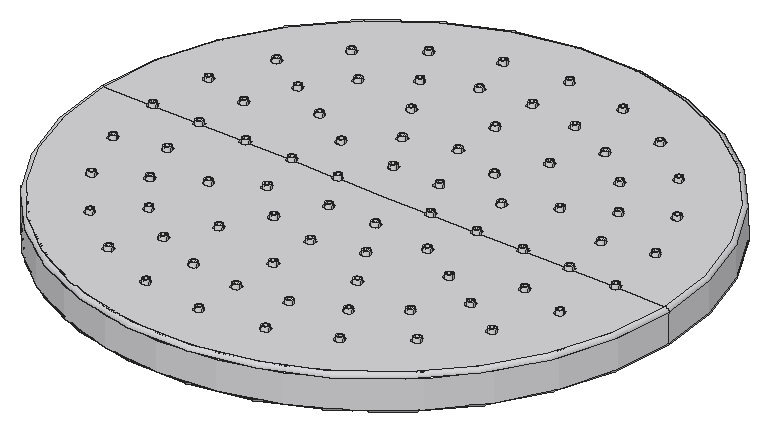
Revit family "Shower-Showerhead-KOHLER-Katalyst-K-73198IN", category Plumbing Fixtures, host Face, Revit 2017
Family settings
  Host = Face
  Round Connector Dimension = Use Diameter
  Part Type = Normal
  OmniClass Number = 23.31.17.00
  OmniClass Title = Showers
  Cut with Voids When Loaded = No
  Shared = No
  Room Calculation Point = No
Parameters (values of type "CP-Polished Chrome")
  Width = 7 127/128"  # constant formula
  WaterSense Certified = 1 = 0  # no
  Waste Water Outlet = "Waste Water Outlet"  # constant formula
  Waste Connection = 1 = 0  # no
  Vent Connection = 1 = 0  # no
  URL = "https://www.kohler.co.in/"
  Type = 1
  Tempered Water Inlet = "Tempered Water Inlet"  # constant formula
  Product Page URL = "https://www.kohler.co.in/product-detail/73198in?skuid=K-73198IN-CP"
  Product Name = "Katalyst"  # constant formula
  Product Documentation Link = "http://resources.kohler.com/plumbing/kohlerindia/pdf/73198.pdf"
  Pressure = 0.00 psi
  Panel Thickness = 0"
  Model = "K-73198IN-CP"  # constant formula
  Material = "Premium Metal Construction"  # constant formula
  Master Format 2014 Name = "Residential Showers"  # constant formula
  Master Format 2014 = "22 42 23"  # constant formula
  Manufacturer Address = "Ambience Office Tower NH-8 Gurgaon / Gurugram Haryana , 122001"  # constant formula
  Manufacturer = "KOHLER Co."  # constant formula
  Length = 7 253/256"  # constant formula
  Hot Water Inlet = "Hot Water Inlet"  # constant formula
  Height = 2 29/64"  # constant formula
  HW Connection = 1 = 1  # yes
  Flow Rate = 0 GPM
  Finish = Kohler-Metal-CP-Polished_Chrome
  Environmental Product Declaration = ""
  Drain Included = 1 = 0  # no
  Description = "203mm Round Katalyst™ rainhead"  # constant formula
  Default Elevation = 0"
  Declare Label = ""
  Date Modified = "12/24/2020"  # constant formula
  Date Created = "12/24/2020"  # constant formula
  Copyright = "Copyright KOHLER Co."  # constant formula
  Contact Us = "https://www.kohler.co.in/contact-us"
  Cold Water Inlet = "Cold Water Inlet"  # constant formula
  CW Connection = 1 = 0  # no
  Assembly Code = "D2010700"
  ADA Compliant = 1 = 0  # no
Reference planes (in)
  plane 1 "Center (Front/Back)": y = 0
  plane 2: z = 0
  plane 3 "Center (Left/Right)": x = 0
  plane 4: y = 3.99355
  plane 5: y = -3.99473
  plane 6: y = 0.47134
  plane 7: y = -0.47134
  plane 8: z = 1.93154
  plane 9: z = 2.45312
  plane 10: x = -0.47234
  plane 11: x = 0.47234
  plane 12: x = -3.99534
  plane 13: x = 3.99685
Dimensions and locks (in)
  "Width": plane 12 to plane 13
  "Length": plane 4 to plane 5
  "Height": plane 9 to level
  aligned and locked: plane 2 to host face
  aligned and locked: level to host face
Automatic sketch dimensions
  host sketch curve to host sketch curve = 96"  (x2)
Nested families (in)
  nested 1: "K-73198IN" at (0, 0, 0), type "K-73198IN"
Connectors (in)
  piping at (0, 0, 0), diameter 0.5, driven by "HW Connection", driven by "Tempered Water Inlet"
    settings: on nested 1, index 1, connector inside diameter 24", connector length 0", flow factor 0, pipe flow 0 GPM, pressure drop 0.00 psi, fitting loss kfactor 0, connector angle 0.00°, fixture units 0, engagement length 0", angle of deflection 0.00°, flow configuration 0, flow direction 1, fitting loss method 0, system type 19, joint type 0, gender type 0, connector reference index -1, connector utility 1, adjustable connector no, is connector primary yes, connector description "Tempered Water Inlet"
Definition of nested family "K-73198IN"
  Parameters (values of type "K-73198IN")
    Material = none
  Reference planes (in)
    plane 1 "Center (Front/Back)": y = 0
    plane 2: z = 0
    plane 3 "Center (Left/Right)": x = 0
    plane 4: y = 3.99355
    plane 5: y = -3.99355
    plane 6: y = 0.47134
    plane 7: y = -0.47134
    plane 8: z = 2.45479
    plane 9: z = 1.93154
    plane 10: z = 2.40361
    plane 11: x = -0.47234
    plane 12: x = 0.47234
    plane 13: x = -3.99534
    plane 14: x = 3.99534
  Forms (in)
    Revolve 1, solid, material <- "Material", detail levels medium+fine
      sketch origin (0, 0, 0) x (1, 0, 0) y (0, 0, 1)
        loop
          line (0, 0) -> (0, 2.40361) -> (-3.93853, 2.40361)
          arc (-3.93853, 2.40361) -> (-3.9787, 2.38697) -> (-3.99534, 2.34681) r 0.05681
          line (-3.99534, 2.34681) -> (-3.99534, 1.95131)
          arc (-3.99534, 1.95131) -> (-3.98955, 1.93733) -> (-3.97557, 1.93154) r 0.01977
          line (-3.97557, 1.93154) -> (-0.81085, 1.93154) -> (-0.78695, 1.91149) -> (-0.74803, 1.91149) -> (-0.7132, 1.17145)
          arc (-0.7132, 1.17145) -> (-0.69414, 1.12967) -> (-0.65151, 1.1126) r 0.06176
          line (-0.65151, 1.1126) -> (-0.43992, 1.1126)
          arc (-0.43992, 1.1126) -> (-0.40964, 1.05686) -> (-0.36787, 1.00912) r 0.28758
          arc (-0.36787, 1.00912) -> (-0.35795, 0.99527) -> (-0.35444, 0.9786) r 0.04138
          line (-0.35444, 0.9786) -> (-0.35444, 0.86218)
          arc (-0.35444, 0.86218) -> (-0.35915, 0.84725) -> (-0.37157, 0.83772) r 0.02602
          line (-0.37157, 0.83772) -> (-0.45532, 0.80724)
          arc (-0.45532, 0.80724) -> (-0.46766, 0.79777) -> (-0.47234, 0.78293) r 0.02587
          line (-0.47234, 0.78293) -> (-0.47234, 0) -> (0, 0)
        axis (0, 2.40361) -> (0, 0)
      angle from 0 to 360
    Extrusion 2, void
      sketch origin (0, 0.00615, 0) x (0, 1, 0) y (0, 0, 1)
        loop
          line (0.43654, 0.80399) -> (0.43654, 0.31483) -> (0.63521, 0.31483) -> (0.63521, 0.80399) -> (0.43654, 0.80399)
      from -0.18866 to 0.18897
    Extrusion 3, void
      sketch origin (0, -0.00615, 0) x (0, -1, 0) y (0, 0, -1)
        loop
          line (0.43654, -0.80069) -> (0.63521, -0.80069) -> (0.63521, -0.31483) -> (0.43654, -0.31483) -> (0.43654, -0.80069)
      from -0.18866 to 0.18897
    Extrusion 4, void
      sketch origin (0, 0, 0) x (1, 0, 0) y (0, 1, 0)
        loop
          circle (-0.84251, 3.13602) r 0.06693
        loop
          circle (-1.62405, 2.81339) r 0.06693
        loop
          circle (-2.29781, 2.29638) r 0.06693
        loop
          circle (-2.81236, 1.62339) r 0.06693
        loop
          circle (-3.13707, 0.83714) r 0.06693
        loop
          circle (-2.50924, 0.66891) r 0.06693
        loop
          circle (-1.12496, 0.6492) r 0.06693
        loop
          circle (-1.68587, 0.97303) r 0.06693
        loop
          circle (-2.25059, 1.29908) r 0.06693
        loop
          circle (-1.83669, 1.83749) r 0.06693
        loop
          circle (-1.29974, 2.24931) r 0.06693
        loop
          circle (-0.67191, 2.5089) r 0.06693
        loop
          circle (-0.64786, 1.12501) r 0.06693
        loop
          circle (-0.97052, 1.69003) r 0.06693
        loop
          circle (-0.31984, 0.56302) r 0.06693
        loop
          circle (-0.65105, 0) r 0.06693
        loop
          circle (-1.29835, 0) r 0.06693
        loop
          circle (-1.95083, 0) r 0.06693
        loop
          circle (-2.59718, 0) r 0.06693
        loop
          circle (-3.24827, 0) r 0.06693
        loop
          circle (-0.84251, -3.13602) r 0.06693
        loop
          circle (-1.62405, -2.81339) r 0.06693
        loop
          circle (-2.29781, -2.29638) r 0.06693
        loop
          circle (-2.81236, -1.62339) r 0.06693
        loop
          circle (-3.13707, -0.83714) r 0.06693
        loop
          circle (-2.50924, -0.66891) r 0.06693
        loop
          circle (-1.12496, -0.6492) r 0.06693
        loop
          circle (-1.68587, -0.97303) r 0.06693
        loop
          circle (-2.25059, -1.29908) r 0.06693
        loop
          circle (-1.83669, -1.83749) r 0.06693
        loop
          circle (-1.29974, -2.24931) r 0.06693
        loop
          circle (-0.67191, -2.5089) r 0.06693
        loop
          circle (-0.64786, -1.13116) r 0.06693
        loop
          circle (-0.97052, -1.68695) r 0.06693
        loop
          circle (-0.32599, -0.56302) r 0.06693
        loop
          circle (0, -3.2502) r 0.06693
        loop
          circle (0, -2.59837) r 0.06693
        loop
          circle (0, -1.94731) r 0.06693
        loop
          circle (0, -1.2996) r 0.06693
        loop
          circle (0, 3.2502) r 0.06693
        loop
          circle (0, 2.59837) r 0.06693
        loop
          circle (0, 1.94731) r 0.06693
        loop
          circle (0, 1.2996) r 0.06693
        loop
          circle (0.84251, 3.13602) r 0.06693
        loop
          circle (1.62405, 2.81339) r 0.06693
        loop
          circle (2.29781, 2.29638) r 0.06693
        loop
          circle (2.81236, 1.62339) r 0.06693
        loop
          circle (3.13707, 0.83714) r 0.06693
        loop
          circle (2.50924, 0.66891) r 0.06693
        loop
          circle (1.12496, 0.6492) r 0.06693
        loop
          circle (1.68587, 0.97303) r 0.06693
        loop
          circle (2.25059, 1.29908) r 0.06693
        loop
          circle (1.83669, 1.83749) r 0.06693
        loop
          circle (1.29974, 2.24931) r 0.06693
        loop
          circle (0.67191, 2.5089) r 0.06693
        loop
          circle (0.64786, 1.12501) r 0.06693
        loop
          circle (0.97052, 1.69003) r 0.06693
        loop
          circle (0.31984, 0.56302) r 0.06693
        loop
          circle (0.65105, 0) r 0.06693
        loop
          circle (1.29835, 0) r 0.06693
        loop
          circle (1.95083, 0) r 0.06693
        loop
          circle (2.59718, 0) r 0.06693
        loop
          circle (3.24827, 0) r 0.06693
        loop
          circle (0.84251, -3.13602) r 0.06693
        loop
          circle (1.62405, -2.81339) r 0.06693
        loop
          circle (2.29781, -2.29638) r 0.06693
        loop
          circle (2.81236, -1.62339) r 0.06693
        loop
          circle (3.13707, -0.83714) r 0.06693
        loop
          circle (2.50924, -0.66891) r 0.06693
        loop
          circle (1.12496, -0.6492) r 0.06693
        loop
          circle (1.68587, -0.97303) r 0.06693
        loop
          circle (2.25059, -1.29908) r 0.06693
        loop
          circle (1.83669, -1.83749) r 0.06693
        loop
          circle (1.29974, -2.24931) r 0.06693
        loop
          circle (0.67191, -2.5089) r 0.06693
        loop
          circle (0.64786, -1.13116) r 0.06693
        loop
          circle (0.97052, -1.68695) r 0.06693
        loop
          circle (0.32599, -0.56302) r 0.06693
      from 2.2855 to 2.45479
    Extrusion 5, solid, detail levels medium+fine
      sketch origin (0, 0, 0) x (1, 0, 0) y (0, 1, 0)
        loop
          circle (-0.84027, 3.13647) r 0.04699
        loop
          circle (-0.84027, 3.13647) r 0.03175
        loop
          circle (-1.62504, 2.81008) r 0.04699
        loop
          circle (-1.62504, 2.81008) r 0.03175
        loop
          circle (-2.29792, 2.29555) r 0.04699
        loop
          circle (-2.29792, 2.29555) r 0.03175
        loop
          circle (-2.81346, 1.62274) r 0.04699
        loop
          circle (-2.81346, 1.62274) r 0.03175
        loop
          circle (-3.13815, 0.83905) r 0.04699
        loop
          circle (-3.13815, 0.83905) r 0.03175
        loop
          circle (-2.5102, 0.67079) r 0.04699
        loop
          circle (-2.5102, 0.67079) r 0.03175
        loop
          circle (-2.25061, 1.29867) r 0.04699
        loop
          circle (-2.25061, 1.29867) r 0.03175
        loop
          circle (-1.68904, 0.97445) r 0.04699
        loop
          circle (-1.68904, 0.97445) r 0.03175
        loop
          circle (-1.83563, 1.83672) r 0.04699
        loop
          circle (-1.83563, 1.83672) r 0.03175
        loop
          circle (-1.29943, 2.2513) r 0.04699
        loop
          circle (-1.29943, 2.2513) r 0.03175
        loop
          circle (-0.67243, 2.51012) r 0.04699
        loop
          circle (-0.67243, 2.51012) r 0.03175
        loop
          circle (-0.9719, 1.68734) r 0.04699
        loop
          circle (-0.9719, 1.68734) r 0.03175
        loop
          circle (-0.64749, 1.12544) r 0.04699
        loop
          circle (-0.64749, 1.12544) r 0.03175
        loop
          circle (-1.12481, 0.64811) r 0.04699
        loop
          circle (-1.12481, 0.64811) r 0.03175
        loop
          circle (0.84027, 3.13647) r 0.04699
        loop
          circle (0.84027, 3.13647) r 0.03175
        loop
          circle (1.62504, 2.81008) r 0.04699
        loop
          circle (1.62504, 2.81008) r 0.03175
        loop
          circle (2.29792, 2.29555) r 0.04699
        loop
          circle (2.29792, 2.29555) r 0.03175
        loop
          circle (2.81346, 1.62274) r 0.04699
        loop
          circle (2.81346, 1.62274) r 0.03175
        loop
          circle (3.13815, 0.83905) r 0.04699
        loop
          circle (3.13815, 0.83905) r 0.03175
        loop
          circle (2.5102, 0.67079) r 0.04699
        loop
          circle (2.5102, 0.67079) r 0.03175
        loop
          circle (2.25061, 1.29867) r 0.04699
        loop
          circle (2.25061, 1.29867) r 0.03175
        loop
          circle (1.68904, 0.97445) r 0.04699
        loop
          circle (1.68904, 0.97445) r 0.03175
        loop
          circle (1.83563, 1.83672) r 0.04699
        loop
          circle (1.83563, 1.83672) r 0.03175
        loop
          circle (1.29943, 2.2513) r 0.04699
        loop
          circle (1.29943, 2.2513) r 0.03175
        loop
          circle (0.67243, 2.51012) r 0.04699
        loop
          circle (0.67243, 2.51012) r 0.03175
        loop
          circle (0.9719, 1.68734) r 0.04699
        loop
          circle (0.9719, 1.68734) r 0.03175
        loop
          circle (0.64749, 1.12544) r 0.04699
        loop
          circle (0.64749, 1.12544) r 0.03175
        loop
          circle (1.12481, 0.64811) r 0.04699
        loop
          circle (1.12481, 0.64811) r 0.03175
        loop
          circle (-0.84027, -3.13647) r 0.04699
        loop
          circle (-0.84027, -3.13647) r 0.03175
        loop
          circle (-1.62504, -2.81008) r 0.04699
        loop
          circle (-1.62504, -2.81008) r 0.03175
        loop
          circle (-2.29792, -2.29555) r 0.04699
        loop
          circle (-2.29792, -2.29555) r 0.03175
        loop
          circle (-2.81346, -1.62274) r 0.04699
        loop
          circle (-2.81346, -1.62274) r 0.03175
        loop
          circle (-3.13815, -0.83905) r 0.04699
        loop
          circle (-3.13815, -0.83905) r 0.03175
        loop
          circle (-2.5102, -0.67079) r 0.04699
        loop
          circle (-2.5102, -0.67079) r 0.03175
        loop
          circle (-2.25061, -1.29867) r 0.04699
        loop
          circle (-2.25061, -1.29867) r 0.03175
        loop
          circle (-1.68904, -0.97445) r 0.04699
        loop
          circle (-1.68904, -0.97445) r 0.03175
        loop
          circle (-1.83563, -1.83672) r 0.04699
        loop
          circle (-1.83563, -1.83672) r 0.03175
        loop
          circle (-1.29943, -2.2513) r 0.04699
        loop
          circle (-1.29943, -2.2513) r 0.03175
        loop
          circle (-0.67243, -2.51012) r 0.04699
        loop
          circle (-0.67243, -2.51012) r 0.03175
        loop
          circle (-0.9719, -1.68734) r 0.04699
        loop
          circle (-0.9719, -1.68734) r 0.03175
        loop
          circle (-0.64749, -1.12544) r 0.04699
        loop
          circle (-0.64749, -1.12544) r 0.03175
        loop
          circle (-1.12481, -0.64811) r 0.04699
        loop
          circle (-1.12481, -0.64811) r 0.03175
        loop
          circle (0.84027, -3.13647) r 0.04699
        loop
          circle (0.84027, -3.13647) r 0.03175
        loop
          circle (1.62504, -2.81008) r 0.04699
        loop
          circle (1.62504, -2.81008) r 0.03175
        loop
          circle (2.29792, -2.29555) r 0.04699
        loop
          circle (2.29792, -2.29555) r 0.03175
        loop
          circle (2.81346, -1.62274) r 0.04699
        loop
          circle (2.81346, -1.62274) r 0.03175
        loop
          circle (3.13815, -0.83905) r 0.04699
        loop
          circle (3.13815, -0.83905) r 0.03175
        loop
          circle (2.5102, -0.67079) r 0.04699
        loop
          circle (2.5102, -0.67079) r 0.03175
        loop
          circle (2.25061, -1.29867) r 0.04699
        loop
          circle (2.25061, -1.29867) r 0.03175
        loop
          circle (1.68904, -0.97445) r 0.04699
        loop
          circle (1.68904, -0.97445) r 0.03175
        loop
          circle (1.83563, -1.83672) r 0.04699
        loop
          circle (1.83563, -1.83672) r 0.03175
        loop
          circle (1.29943, -2.2513) r 0.04699
        loop
          circle (1.29943, -2.2513) r 0.03175
        loop
          circle (0.67243, -2.51012) r 0.04699
        loop
          circle (0.67243, -2.51012) r 0.03175
        loop
          circle (0.9719, -1.68734) r 0.04699
        loop
          circle (0.9719, -1.68734) r 0.03175
        loop
          circle (0.64749, -1.12544) r 0.04699
        loop
          circle (0.64749, -1.12544) r 0.03175
        loop
          circle (1.12481, -0.64811) r 0.04699
        loop
          circle (1.12481, -0.64811) r 0.03175
        loop
          circle (-3.24852, 0) r 0.04699
        loop
          circle (-3.24852, 0) r 0.03175
        loop
          circle (-2.59862, 0) r 0.04699
        loop
          circle (-2.59862, 0) r 0.03175
        loop
          circle (-1.94396, 0) r 0.04699
        loop
          circle (-1.94396, 0) r 0.03175
        loop
          circle (-1.29932, 0) r 0.04699
        loop
          circle (-1.29932, 0) r 0.03175
        loop
          circle (-0.65007, 0) r 0.04699
        loop
          circle (-0.65007, 0) r 0.03175
        loop
          circle (3.24852, 0) r 0.04699
        loop
          circle (3.24852, 0) r 0.03175
        loop
          circle (2.59862, 0) r 0.04699
        loop
          circle (2.59862, 0) r 0.03175
        loop
          circle (1.94396, 0) r 0.04699
        loop
          circle (1.94396, 0) r 0.03175
        loop
          circle (1.29932, 0) r 0.04699
        loop
          circle (1.29932, 0) r 0.03175
        loop
          circle (0.65007, 0) r 0.04699
        loop
          circle (0.65007, 0) r 0.03175
        loop
          circle (0, -3.25456) r 0.04699
        loop
          circle (0, -3.25456) r 0.03175
        loop
          circle (0, -2.60077) r 0.04699
        loop
          circle (0, -2.60077) r 0.03175
        loop
          circle (0, -1.95087) r 0.04699
        loop
          circle (0, -1.95087) r 0.03175
        loop
          circle (0, -1.29775) r 0.04699
        loop
          circle (0, -1.29775) r 0.03175
        loop
          circle (-0.3268, -0.56374) r 0.04699
        loop
          circle (-0.3268, -0.56374) r 0.03175
        loop
          circle (0.32635, -0.56374) r 0.04699
        loop
          circle (0.32635, -0.56374) r 0.03175
        loop
          circle (-0.3268, 0.56374) r 0.04699
        loop
          circle (-0.3268, 0.56374) r 0.03175
        loop
          circle (0.32635, 0.56374) r 0.04699
        loop
          circle (0.32635, 0.56374) r 0.03175
        loop
          circle (0, 3.25456) r 0.04699
        loop
          circle (0, 3.25456) r 0.03175
        loop
          circle (0, 2.60077) r 0.04699
        loop
          circle (0, 2.60077) r 0.03175
        loop
          circle (0, 1.95087) r 0.04699
        loop
          circle (0, 1.95087) r 0.03175
        loop
          circle (0, 1.29775) r 0.04699
        loop
          circle (0, 1.29775) r 0.03175
      from 2.34456 to 2.45479
    Extrusion 6, void
      sketch origin (0, 0, 0) x (0, 1, 0) y (0, 0, 1)
        loop
          circle (-0.00014, 0.92502) r 0.03111
      from -0.44937 to -0.29816
    Extrusion 7, void
      sketch origin (0, 0, 0) x (0, 1, 0) y (0, 0, -1)
        loop
          circle (-0.00014, -0.92502) r 0.03111
      from -0.44937 to -0.29816
    Extrusion 8, void
      sketch origin (0, 0, 0) x (1, 0, 0) y (0, 0, 1)
        loop
          circle (-0.00028, 0.92519) r 0.03086
      from 0.31094 to 0.38887
    Extrusion 9, void
      sketch origin (0, 0, 0) x (1, 0, 0) y (0, 0, -1)
        loop
          circle (-0.00028, -0.92519) r 0.03086
      from 0.31094 to 0.38887
    Extrusion 10, solid, material <- "Material", detail levels medium+fine
      sketch origin (0, 0, 0) x (1, 0, 0) y (0, 1, 0)
        loop
          circle (0, 0) r 0.13647
      from 0 to 0.09002
    Revolve 11, solid, material <- "Material", detail levels coarse
      sketch origin (0, 0, 0) x (0, 1, 0) y (0, 0, 1)
        loop
          line (0, 0) -> (0, 2.47728) -> (-4.00539, 2.47728) -> (-4.00539, 1.93154) -> (-0.83314, 1.93154) -> (-0.74378, 1.08135) -> (-0.501, 1.08135) -> (-0.501, 0) -> (0, 0)
        axis (0, 2.47728) -> (0, 0)
      angle from 0 to 360
  Cuts and joins
    Extrusion 2, Extrusion 3, Extrusion 4, Extrusion 6, Extrusion 7, Extrusion 8, Extrusion 9 cuts Revolve 1
  Lines and regions (in)
    Masking region 1
      outline origin (0, 0, 0) x (0, 1, 0) y (0, 0, 1)
        loop
          line (0, 0) -> (0.47234, 0) -> (0.47234, 0.3153) -> (0.44154, 0.3153) -> (0.44154, 0.81219) -> (0.37231, 0.83739)
          arc (0.37231, 0.83739) -> (0.35955, 0.84701) -> (0.35435, 0.86213) r 0.02733
          line (0.35435, 0.86213) -> (0.35435, 0.97993)
          arc (0.35435, 0.97993) -> (0.3579, 0.99624) -> (0.3679, 1.0096) r 0.03927
          arc (0.3679, 1.0096) -> (0.41028, 1.05664) -> (0.43992, 1.1126) r 0.25761
          line (0.43992, 1.1126) -> (0.64736, 1.1126)
          arc (0.64736, 1.1126) -> (0.69216, 1.12979) -> (0.71394, 1.17254) r 0.06694
          line (0.71394, 1.17254) -> (0.74803, 1.91149) -> (0.78695, 1.91149) -> (0.81085, 1.93154) -> (3.97337, 1.93154)
          arc (3.97337, 1.93154) -> (3.98891, 1.93798) -> (3.99534, 1.95352) r 0.02198
          line (3.99534, 1.95352) -> (3.99534, 2.35291)
          arc (3.99534, 2.35291) -> (3.97676, 2.3889) -> (3.93903, 2.40361) r 0.05731
          line (3.93903, 2.40361) -> (3.3013, 2.40361) -> (3.3013, 2.45479) -> (3.08948, 2.45479) -> (3.08948, 2.40361) -> (2.85695, 2.40361) -> (2.85695, 2.45479) -> (2.76309, 2.45479) -> (2.76309, 2.40361) -> (2.64666, 2.40361) -> (2.64666, 2.45479) -> (2.46313, 2.45479) -> (2.46313, 2.40361) -> (2.34245, 2.40361) -> (2.34245, 2.45479) -> (2.20431, 2.45479) -> (2.20431, 2.40361) -> (1.99764, 2.40361) -> (1.99764, 2.45479) -> (1.78973, 2.45479) -> (1.78973, 2.40361) -> (1.73371, 2.40361) -> (1.73371, 2.45479) -> (1.57575, 2.45479) -> (1.57575, 2.40361) -> (1.34531, 2.40361) -> (1.34531, 2.45479) -> (1.25076, 2.45479) -> (1.25076, 2.40361) -> (1.17252, 2.40361) -> (1.17252, 2.45479) -> (1.07845, 2.45479) -> (1.07845, 2.40361) -> (1.02182, 2.40361) -> (1.02182, 2.45479) -> (0.79206, 2.45479) -> (0.79206, 2.40361) -> (0.71699, 2.40361) -> (0.71699, 2.45479) -> (0.51675, 2.45479) -> (0.51675, 2.40361) -> (0.04747, 2.40361) -> (0.04747, 2.45479) -> (0, 2.45479) -> (-0.04747, 2.45479) -> (-0.04747, 2.40361) -> (-0.51675, 2.40361) -> (-0.51675, 2.45479) -> (-0.71699, 2.45479) -> (-0.71699, 2.40361) -> (-0.79206, 2.40361) -> (-0.79206, 2.45479) -> (-1.02182, 2.45479) -> (-1.02182, 2.40361) -> (-1.07845, 2.40361) -> (-1.07845, 2.45479) -> (-1.17252, 2.45479) -> (-1.17252, 2.40361) -> (-1.25076, 2.40361) -> (-1.25076, 2.45479) -> (-1.34531, 2.45479) -> (-1.34531, 2.40361) -> (-1.57575, 2.40361) -> (-1.57575, 2.45479) -> (-1.73371, 2.45479) -> (-1.73371, 2.40361) -> (-1.78973, 2.40361) -> (-1.78973, 2.45479) -> (-1.99764, 2.45479) -> (-1.99764, 2.40361) -> (-2.20431, 2.40361) -> (-2.20431, 2.45479) -> (-2.34245, 2.45479) -> (-2.34245, 2.40361) -> (-2.46313, 2.40361) -> (-2.46313, 2.45479) -> (-2.64666, 2.45479) -> (-2.64666, 2.40361) -> (-2.76309, 2.40361) -> (-2.76309, 2.45479) -> (-2.85695, 2.45479) -> (-2.85695, 2.40361) -> (-3.08948, 2.40361) -> (-3.08948, 2.45479) -> (-3.3013, 2.45479) -> (-3.3013, 2.40361) -> (-3.93903, 2.40361)
          arc (-3.93903, 2.40361) -> (-3.97676, 2.3889) -> (-3.99534, 2.35291) r 0.05731
          line (-3.99534, 2.35291) -> (-3.99534, 1.95352)
          arc (-3.99534, 1.95352) -> (-3.98891, 1.93798) -> (-3.97337, 1.93154) r 0.02198
          line (-3.97337, 1.93154) -> (-0.81085, 1.93154) -> (-0.78695, 1.91149) -> (-0.74803, 1.91149) -> (-0.71394, 1.17254)
          arc (-0.71394, 1.17254) -> (-0.69216, 1.12979) -> (-0.64736, 1.1126) r 0.06694
          line (-0.64736, 1.1126) -> (-0.43992, 1.1126)
          arc (-0.43992, 1.1126) -> (-0.41028, 1.05664) -> (-0.3679, 1.0096) r 0.25761
          arc (-0.3679, 1.0096) -> (-0.3579, 0.99624) -> (-0.35435, 0.97993) r 0.03927
          line (-0.35435, 0.97993) -> (-0.35435, 0.86213)
          arc (-0.35435, 0.86213) -> (-0.35955, 0.84701) -> (-0.37231, 0.83739) r 0.02733
          line (-0.37231, 0.83739) -> (-0.44154, 0.81219) -> (-0.44154, 0.3153) -> (-0.47234, 0.3153) -> (-0.47234, 0) -> (0, 0)
    Masking region 2
      outline origin (0, 0, 0) x (1, 0, 0) y (0, 0, 1)
        loop
          line (-0.47234, 0) -> (0.47234, 0) -> (0.47234, 0.78251)
          arc (0.47234, 0.78251) -> (0.46744, 0.79793) -> (0.45454, 0.80769) r 0.02671
          arc (0.45454, 0.80769) -> (0.41304, 0.82259) -> (0.37168, 0.83787) r 4.90067
          arc (0.37168, 0.83787) -> (0.35938, 0.84727) -> (0.35437, 0.86191) r 0.02668
          line (0.35437, 0.86191) -> (0.35437, 0.97809)
          arc (0.35437, 0.97809) -> (0.35727, 0.99355) -> (0.36556, 1.00691) r 0.04271
          arc (0.36556, 1.00691) -> (0.40925, 1.05554) -> (0.44, 1.11323) r 0.27056
          line (0.44, 1.11323) -> (0.65632, 1.11323)
          arc (0.65632, 1.11323) -> (0.6963, 1.12979) -> (0.71286, 1.16976) r 0.05654
          line (0.71286, 1.16976) -> (0.74803, 1.91149) -> (0.78695, 1.91149) -> (0.81085, 1.93154) -> (3.97556, 1.93154)
          arc (3.97556, 1.93154) -> (3.99095, 1.93872) -> (3.99534, 1.95512) r 0.02009
          line (3.99534, 1.95512) -> (3.99534, 2.34882)
          arc (3.99534, 2.34882) -> (3.97787, 2.38899) -> (3.93658, 2.40361) r 0.05493
          line (3.93658, 2.40361) -> (3.29554, 2.40361) -> (3.29554, 2.45479) -> (3.09117, 2.45479) -> (3.09117, 2.40361) -> (2.86052, 2.40361) -> (2.86052, 2.45491) -> (2.76502, 2.45491) -> (2.76502, 2.40361) -> (2.6457, 2.40361) -> (2.6457, 2.45479) -> (2.46321, 2.45479) -> (2.46321, 2.40361) -> (2.34485, 2.40361) -> (2.34485, 2.45479) -> (2.20362, 2.45479) -> (2.20362, 2.40361) -> (1.9911, 2.40361) -> (1.9911, 2.45535) -> (1.78825, 2.45535) -> (1.78825, 2.40361) -> (1.73566, 2.40361) -> (1.73566, 2.45484) -> (1.57649, 2.45484) -> (1.57649, 2.40361) -> (1.34656, 2.40361) -> (1.34656, 2.45491) -> (1.25058, 2.45491) -> (1.25058, 2.40361) -> (1.17116, 2.40361) -> (1.17116, 2.45475) -> (1.07698, 2.45475) -> (1.07698, 2.40361) -> (1.01839, 2.40361) -> (1.01839, 2.45456) -> (0.92428, 2.45456) -> (0.92428, 2.40361) -> (0.88695, 2.40361) -> (0.88695, 2.45479) -> (0.79329, 2.45479) -> (0.79329, 2.40361) -> (0.71905, 2.40361) -> (0.71905, 2.45476) -> (0.60058, 2.45476) -> (0.60058, 2.40361) -> (0.37396, 2.40361) -> (0.37396, 2.45557) -> (0.27978, 2.45557) -> (0.27978, 2.40361) -> (0.04715, 2.40361) -> (0.04715, 2.45479) -> (0, 2.45479) -> (-0.04715, 2.45479) -> (-0.04715, 2.40361) -> (-0.27978, 2.40361) -> (-0.27978, 2.45557) -> (-0.37396, 2.45557) -> (-0.37396, 2.40361) -> (-0.60058, 2.40361) -> (-0.60058, 2.45476) -> (-0.71905, 2.45476) -> (-0.71905, 2.40361) -> (-0.79329, 2.40361) -> (-0.79329, 2.45479) -> (-0.88695, 2.45479) -> (-0.88695, 2.40361) -> (-0.92428, 2.40361) -> (-0.92428, 2.45456) -> (-1.01839, 2.45456) -> (-1.01839, 2.40361) -> (-1.07698, 2.40361) -> (-1.07698, 2.45475) -> (-1.17116, 2.45475) -> (-1.17116, 2.40361) -> (-1.25058, 2.40361) -> (-1.25058, 2.45491) -> (-1.34656, 2.45491) -> (-1.34656, 2.40361) -> (-1.57649, 2.40361) -> (-1.57649, 2.45484) -> (-1.73566, 2.45484) -> (-1.73566, 2.40361) -> (-1.78825, 2.40361) -> (-1.78825, 2.45535) -> (-1.9911, 2.45535) -> (-1.9911, 2.40361) -> (-2.20362, 2.40361) -> (-2.20362, 2.45479) -> (-2.34485, 2.45479) -> (-2.34485, 2.40361) -> (-2.46321, 2.40361) -> (-2.46321, 2.45479) -> (-2.6457, 2.45479) -> (-2.6457, 2.40361) -> (-2.76502, 2.40361) -> (-2.76502, 2.45491) -> (-2.86052, 2.45491) -> (-2.86052, 2.40361) -> (-3.09117, 2.40361) -> (-3.09117, 2.45479) -> (-3.29554, 2.45479) -> (-3.29554, 2.40361) -> (-3.93658, 2.40361)
          arc (-3.93658, 2.40361) -> (-3.97787, 2.38899) -> (-3.99534, 2.34882) r 0.05493
          line (-3.99534, 2.34882) -> (-3.99534, 1.95512)
          arc (-3.99534, 1.95512) -> (-3.99095, 1.93872) -> (-3.97556, 1.93154) r 0.02009
          line (-3.97556, 1.93154) -> (-0.81085, 1.93154) -> (-0.78695, 1.91149) -> (-0.74803, 1.91149) -> (-0.71286, 1.16976)
          arc (-0.71286, 1.16976) -> (-0.6963, 1.12979) -> (-0.65632, 1.11323) r 0.05654
          line (-0.65632, 1.11323) -> (-0.44, 1.11323)
          arc (-0.44, 1.11323) -> (-0.40925, 1.05554) -> (-0.36556, 1.00691) r 0.27056
          arc (-0.36556, 1.00691) -> (-0.35727, 0.99355) -> (-0.35437, 0.97809) r 0.04271
          line (-0.35437, 0.97809) -> (-0.35437, 0.86191)
          arc (-0.35437, 0.86191) -> (-0.35938, 0.84727) -> (-0.37168, 0.83787) r 0.02668
          arc (-0.37168, 0.83787) -> (-0.41304, 0.82259) -> (-0.45454, 0.80769) r 4.90067
          arc (-0.45454, 0.80769) -> (-0.46744, 0.79793) -> (-0.47234, 0.78251) r 0.02671
          line (-0.47234, 0.78251) -> (-0.47234, 0)
    Masking region 3
      outline origin (0, 0, 0) x (1, 0, 0) y (0, 1, 0)
        loop
          circle (0, 0) r 3.99534
    symbolic lines, detail levels medium+fine
      curve 1: arc (-0.03175, 3.25456, 0) -> (0, 3.28631, 0) -> (0.03175, 3.25456, 0) r 0.03175
      curve 2: arc (0.03175, 3.25456, 0) -> (0, 3.22281, 0) -> (-0.03175, 3.25456, 0) r 0.03175
      curve 3: arc (-0.04699, 3.25456, 0) -> (0, 3.20758, 0) -> (0.04699, 3.25456, 0) r 0.04699
      curve 4: arc (0.04699, 3.25456, 0) -> (0, 3.30155, 0) -> (-0.04699, 3.25456, 0) r 0.04699
      curve 5: arc (-0.06693, 3.2502, 0) -> (0, 3.18327, 0) -> (0.06693, 3.2502, 0) r 0.06693
      curve 6: arc (0.06693, 3.2502, 0) -> (0, 3.31713, 0) -> (-0.06693, 3.2502, 0) r 0.06693
      curve 7: arc (-0.90944, 3.13602, 0) -> (-0.84251, 3.06909, 0) -> (-0.77558, 3.13602, 0) r 0.06693
      curve 8: arc (-0.88726, 3.13647, 0) -> (-0.84027, 3.08948, 0) -> (-0.79329, 3.13647, 0) r 0.04699
      curve 9: arc (-0.80852, 3.13647, 0) -> (-0.84027, 3.10472, 0) -> (-0.87203, 3.13647, 0) r 0.03175
      curve 10: arc (-0.77558, 3.13602, 0) -> (-0.84251, 3.20295, 0) -> (-0.90944, 3.13602, 0) r 0.06693
      curve 11: arc (-0.79329, 3.13647, 0) -> (-0.84027, 3.18345, 0) -> (-0.88726, 3.13647, 0) r 0.04699
      curve 12: arc (-0.87203, 3.13647, 0) -> (-0.84027, 3.16822, 0) -> (-0.80852, 3.13647, 0) r 0.03175
      curve 13: arc (-1.69097, 2.81339, 0) -> (-1.62405, 2.74646, 0) -> (-1.55712, 2.81339, 0) r 0.06693
      curve 14: arc (-1.67202, 2.81008, 0) -> (-1.62504, 2.76309, 0) -> (-1.57805, 2.81008, 0) r 0.04699
      curve 15: arc (-1.65679, 2.81008, 0) -> (-1.62504, 2.84183, 0) -> (-1.59329, 2.81008, 0) r 0.03175
      curve 16: arc (-1.59329, 2.81008, 0) -> (-1.62504, 2.77833, 0) -> (-1.65679, 2.81008, 0) r 0.03175
      curve 17: arc (-1.57805, 2.81008, 0) -> (-1.62504, 2.85706, 0) -> (-1.67202, 2.81008, 0) r 0.04699
      curve 18: arc (-1.55712, 2.81339, 0) -> (-1.62405, 2.88032, 0) -> (-1.69097, 2.81339, 0) r 0.06693
      curve 19: arc (-2.36474, 2.29638, 0) -> (-2.29781, 2.22946, 0) -> (-2.23088, 2.29638, 0) r 0.06693
      curve 20: arc (-2.23088, 2.29638, 0) -> (-2.29781, 2.36331, 0) -> (-2.36474, 2.29638, 0) r 0.06693
      curve 21: arc (-2.25093, 2.29555, 0) -> (-2.29792, 2.34253, 0) -> (-2.3449, 2.29555, 0) r 0.04699
      curve 22: arc (-2.3449, 2.29555, 0) -> (-2.29792, 2.24856, 0) -> (-2.25093, 2.29555, 0) r 0.04699
      curve 23: arc (-2.32967, 2.29555, 0) -> (-2.29792, 2.3273, 0) -> (-2.26617, 2.29555, 0) r 0.03175
      curve 24: arc (-2.26617, 2.29555, 0) -> (-2.29792, 2.2638, 0) -> (-2.32967, 2.29555, 0) r 0.03175
      curve 25: arc (-2.87929, 1.62339, 0) -> (-2.81236, 1.55646, 0) -> (-2.74543, 1.62339, 0) r 0.06693
      curve 26: arc (-2.74543, 1.62339, 0) -> (-2.81236, 1.69032, 0) -> (-2.87929, 1.62339, 0) r 0.06693
      curve 27: arc (-2.76648, 1.62274, 0) -> (-2.81346, 1.66972, 0) -> (-2.86045, 1.62274, 0) r 0.04699
      curve 28: arc (-2.86045, 1.62274, 0) -> (-2.81346, 1.57575, 0) -> (-2.76648, 1.62274, 0) r 0.04699
      curve 29: arc (-2.84521, 1.62274, 0) -> (-2.81346, 1.65449, 0) -> (-2.78171, 1.62274, 0) r 0.03175
      curve 30: arc (-2.78171, 1.62274, 0) -> (-2.81346, 1.59099, 0) -> (-2.84521, 1.62274, 0) r 0.03175
      curve 31: arc (-3.204, 0.83714, 0) -> (-3.13707, 0.77021, 0) -> (-3.07014, 0.83714, 0) r 0.06693
      curve 32: arc (-3.07014, 0.83714, 0) -> (-3.13707, 0.90407, 0) -> (-3.204, 0.83714, 0) r 0.06693
      curve 33: arc (-3.1064, 0.83905, 0) -> (-3.13815, 0.80729, 0) -> (-3.1699, 0.83905, 0) r 0.03175
      curve 34: arc (-3.1699, 0.83905, 0) -> (-3.13815, 0.8708, 0) -> (-3.1064, 0.83905, 0) r 0.03175
      curve 35: arc (-3.18514, 0.83905, 0) -> (-3.13815, 0.79206, 0) -> (-3.09117, 0.83905, 0) r 0.04699
      curve 36: arc (-3.09117, 0.83905, 0) -> (-3.13815, 0.88603, 0) -> (-3.18514, 0.83905, 0) r 0.04699
      curve 37: arc (-2.57617, 0.66891, 0) -> (-2.50924, 0.60198, 0) -> (-2.44231, 0.66891, 0) r 0.06693
      curve 38: arc (-2.55718, 0.67079, 0) -> (-2.5102, 0.6238, 0) -> (-2.46321, 0.67079, 0) r 0.04699
      curve 39: arc (-2.47845, 0.67079, 0) -> (-2.5102, 0.63903, 0) -> (-2.54195, 0.67079, 0) r 0.03175
      curve 40: arc (-2.54195, 0.67079, 0) -> (-2.5102, 0.70254, 0) -> (-2.47845, 0.67079, 0) r 0.03175
      curve 41: arc (-2.46321, 0.67079, 0) -> (-2.5102, 0.71777, 0) -> (-2.55718, 0.67079, 0) r 0.04699
      curve 42: arc (-2.44231, 0.66891, 0) -> (-2.50924, 0.73584, 0) -> (-2.57617, 0.66891, 0) r 0.06693
      curve 43: arc (-1.19189, 0.6492, 0) -> (-1.12496, 0.58227, 0) -> (-1.05804, 0.6492, 0) r 0.06693
      curve 44: arc (-1.05804, 0.6492, 0) -> (-1.12496, 0.71612, 0) -> (-1.19189, 0.6492, 0) r 0.06693
      curve 45: arc (-1.07782, 0.64811, 0) -> (-1.12481, 0.6951, 0) -> (-1.17179, 0.64811, 0) r 0.04699
      curve 46: arc (-1.17179, 0.64811, 0) -> (-1.12481, 0.60113, 0) -> (-1.07782, 0.64811, 0) r 0.04699
      curve 47: arc (-1.15656, 0.64811, 0) -> (-1.12481, 0.67987, 0) -> (-1.09306, 0.64811, 0) r 0.03175
      curve 48: arc (-1.09306, 0.64811, 0) -> (-1.12481, 0.61636, 0) -> (-1.15656, 0.64811, 0) r 0.03175
      curve 49: arc (-1.7528, 0.97303, 0) -> (-1.68587, 0.9061, 0) -> (-1.61894, 0.97303, 0) r 0.06693
      curve 50: arc (-1.61894, 0.97303, 0) -> (-1.68587, 1.03996, 0) -> (-1.7528, 0.97303, 0) r 0.06693
      curve 51: arc (-1.64205, 0.97445, 0) -> (-1.68904, 1.02143, 0) -> (-1.73602, 0.97445, 0) r 0.04699
      curve 52: arc (-1.73602, 0.97445, 0) -> (-1.68904, 0.92746, 0) -> (-1.64205, 0.97445, 0) r 0.04699
      curve 53: arc (-1.65729, 0.97445, 0) -> (-1.68904, 0.9427, 0) -> (-1.72079, 0.97445, 0) r 0.03175
      curve 54: arc (-1.72079, 0.97445, 0) -> (-1.68904, 1.0062, 0) -> (-1.65729, 0.97445, 0) r 0.03175
      curve 55: arc (-0.71479, 1.12501, 0) -> (-0.64786, 1.05808, 0) -> (-0.58093, 1.12501, 0) r 0.06693
      curve 56: arc (-0.58093, 1.12501, 0) -> (-0.64786, 1.19194, 0) -> (-0.71479, 1.12501, 0) r 0.06693
      curve 57: arc (-0.6005, 1.12544, 0) -> (-0.64749, 1.17242, 0) -> (-0.69447, 1.12544, 0) r 0.04699
      curve 58: arc (-0.69447, 1.12544, 0) -> (-0.64749, 1.07845, 0) -> (-0.6005, 1.12544, 0) r 0.04699
      curve 59: arc (-0.61573, 1.12544, 0) -> (-0.64749, 1.09368, 0) -> (-0.67924, 1.12544, 0) r 0.03175
      curve 60: arc (-0.67924, 1.12544, 0) -> (-0.64749, 1.15719, 0) -> (-0.61573, 1.12544, 0) r 0.03175
      curve 61: arc (-2.29759, 1.29867, 0) -> (-2.25061, 1.25168, 0) -> (-2.20362, 1.29867, 0) r 0.04699
      curve 62: arc (-2.31752, 1.29908, 0) -> (-2.25059, 1.23215, 0) -> (-2.18367, 1.29908, 0) r 0.06693
      curve 63: arc (-2.18367, 1.29908, 0) -> (-2.25059, 1.36601, 0) -> (-2.31752, 1.29908, 0) r 0.06693
      curve 64: arc (-2.20362, 1.29867, 0) -> (-2.25061, 1.34566, 0) -> (-2.29759, 1.29867, 0) r 0.04699
      curve 65: arc (-2.28236, 1.29867, 0) -> (-2.25061, 1.33042, 0) -> (-2.21886, 1.29867, 0) r 0.03175
      curve 66: arc (-2.21886, 1.29867, 0) -> (-2.25061, 1.26692, 0) -> (-2.28236, 1.29867, 0) r 0.03175
      curve 67: arc (-1.90362, 1.83749, 0) -> (-1.83669, 1.77056, 0) -> (-1.76976, 1.83749, 0) r 0.06693
      curve 68: arc (-1.76976, 1.83749, 0) -> (-1.83669, 1.90442, 0) -> (-1.90362, 1.83749, 0) r 0.06693
      curve 69: arc (-1.78865, 1.83672, 0) -> (-1.83563, 1.8837, 0) -> (-1.88262, 1.83672, 0) r 0.04699
      curve 70: arc (-1.88262, 1.83672, 0) -> (-1.83563, 1.78973, 0) -> (-1.78865, 1.83672, 0) r 0.04699
      curve 71: arc (-1.86738, 1.83672, 0) -> (-1.83563, 1.86847, 0) -> (-1.80388, 1.83672, 0) r 0.03175
      curve 72: arc (-1.80388, 1.83672, 0) -> (-1.83563, 1.80497, 0) -> (-1.86738, 1.83672, 0) r 0.03175
      curve 73: arc (-1.03745, 1.69003, 0) -> (-0.97052, 1.6231, 0) -> (-0.90359, 1.69003, 0) r 0.06693
      curve 74: arc (-0.90359, 1.69003, 0) -> (-0.97052, 1.75696, 0) -> (-1.03745, 1.69003, 0) r 0.06693
      curve 75: arc (-0.92492, 1.68734, 0) -> (-0.9719, 1.73432, 0) -> (-1.01889, 1.68734, 0) r 0.04699
      curve 76: arc (-1.01889, 1.68734, 0) -> (-0.9719, 1.64035, 0) -> (-0.92492, 1.68734, 0) r 0.04699
      curve 77: arc (-1.00365, 1.68734, 0) -> (-0.9719, 1.71909, 0) -> (-0.94015, 1.68734, 0) r 0.03175
      curve 78: arc (-0.94015, 1.68734, 0) -> (-0.9719, 1.65559, 0) -> (-1.00365, 1.68734, 0) r 0.03175
      curve 79: arc (-1.36667, 2.24931, 0) -> (-1.29974, 2.18238, 0) -> (-1.23281, 2.24931, 0) r 0.06693
      curve 80: arc (-1.23281, 2.24931, 0) -> (-1.29974, 2.31624, 0) -> (-1.36667, 2.24931, 0) r 0.06693
      curve 81: arc (-1.25244, 2.2513, 0) -> (-1.29943, 2.29828, 0) -> (-1.34641, 2.2513, 0) r 0.04699
      curve 82: arc (-1.34641, 2.2513, 0) -> (-1.29943, 2.20431, 0) -> (-1.25244, 2.2513, 0) r 0.04699
      curve 83: arc (-1.33118, 2.2513, 0) -> (-1.29943, 2.28305, 0) -> (-1.26768, 2.2513, 0) r 0.03175
      curve 84: arc (-1.26768, 2.2513, 0) -> (-1.29943, 2.21955, 0) -> (-1.33118, 2.2513, 0) r 0.03175
      curve 85: arc (-0.60498, 2.5089, 0) -> (-0.67191, 2.57583, 0) -> (-0.73884, 2.5089, 0) r 0.06693
      curve 86: arc (-0.73884, 2.5089, 0) -> (-0.67191, 2.44197, 0) -> (-0.60498, 2.5089, 0) r 0.06693
      curve 87: arc (-0.62545, 2.51012, 0) -> (-0.67243, 2.5571, 0) -> (-0.71942, 2.51012, 0) r 0.04699
      curve 88: arc (-0.71942, 2.51012, 0) -> (-0.67243, 2.46313, 0) -> (-0.62545, 2.51012, 0) r 0.04699
      curve 89: arc (-0.70419, 2.51012, 0) -> (-0.67243, 2.54187, 0) -> (-0.64068, 2.51012, 0) r 0.03175
      curve 90: arc (-0.64068, 2.51012, 0) -> (-0.67243, 2.47837, 0) -> (-0.70419, 2.51012, 0) r 0.03175
      curve 91: arc (-0.06693, 1.2996, 0) -> (0, 1.23267, 0) -> (0.06693, 1.2996, 0) r 0.06693
      curve 92: arc (0.06693, 1.2996, 0) -> (0, 1.36653, 0) -> (-0.06693, 1.2996, 0) r 0.06693
      curve 93: arc (0.04699, 1.29775, 0) -> (0, 1.34473, 0) -> (-0.04699, 1.29775, 0) r 0.04699
      curve 94: arc (-0.04699, 1.29775, 0) -> (0, 1.25076, 0) -> (0.04699, 1.29775, 0) r 0.04699
      curve 95: arc (-0.03175, 1.29775, 0) -> (0, 1.3295, 0) -> (0.03175, 1.29775, 0) r 0.03175
      curve 96: arc (0.03175, 1.29775, 0) -> (0, 1.26599, 0) -> (-0.03175, 1.29775, 0) r 0.03175
      curve 97: arc (0.06693, 1.94731, 0) -> (0, 2.01424, 0) -> (-0.06693, 1.94731, 0) r 0.06693
      curve 98: arc (-0.06693, 1.94731, 0) -> (0, 1.88038, 0) -> (0.06693, 1.94731, 0) r 0.06693
      curve 99: arc (0.04699, 1.95087, 0) -> (0, 1.99785, 0) -> (-0.04699, 1.95087, 0) r 0.04699
      curve 100: arc (-0.04699, 1.95087, 0) -> (0, 1.90388, 0) -> (0.04699, 1.95087, 0) r 0.04699
      curve 101: arc (-0.03175, 1.95087, 0) -> (0, 1.98262, 0) -> (0.03175, 1.95087, 0) r 0.03175
      curve 102: arc (0.03175, 1.95087, 0) -> (0, 1.91911, 0) -> (-0.03175, 1.95087, 0) r 0.03175
      curve 103: arc (-0.06693, 2.59837, 0) -> (0, 2.53144, 0) -> (0.06693, 2.59837, 0) r 0.06693
      curve 104: arc (0.06693, 2.59837, 0) -> (0, 2.6653, 0) -> (-0.06693, 2.59837, 0) r 0.06693
      curve 105: arc (0.04699, 2.60077, 0) -> (0, 2.64776, 0) -> (-0.04699, 2.60077, 0) r 0.04699
      curve 106: arc (-0.04699, 2.60077, 0) -> (0, 2.55379, 0) -> (0.04699, 2.60077, 0) r 0.04699
      curve 107: arc (-0.03175, 2.60077, 0) -> (0, 2.63252, 0) -> (0.03175, 2.60077, 0) r 0.03175
      curve 108: arc (0.03175, 2.60077, 0) -> (0, 2.56902, 0) -> (-0.03175, 2.60077, 0) r 0.03175
      curve 109: arc (-0.03175, -3.25456, 0) -> (0, -3.28631, 0) -> (0.03175, -3.25456, 0) r 0.03175
      curve 110: arc (0.03175, -3.25456, 0) -> (0, -3.22281, 0) -> (-0.03175, -3.25456, 0) r 0.03175
      curve 111: arc (-0.04699, -3.25456, 0) -> (0, -3.20758, 0) -> (0.04699, -3.25456, 0) r 0.04699
      curve 112: arc (0.04699, -3.25456, 0) -> (0, -3.30155, 0) -> (-0.04699, -3.25456, 0) r 0.04699
      curve 113: arc (-0.06693, -3.2502, 0) -> (0, -3.18327, 0) -> (0.06693, -3.2502, 0) r 0.06693
      curve 114: arc (0.06693, -3.2502, 0) -> (0, -3.31713, 0) -> (-0.06693, -3.2502, 0) r 0.06693
      curve 115: arc (-0.90944, -3.13602, 0) -> (-0.84251, -3.06909, 0) -> (-0.77558, -3.13602, 0) r 0.06693
      curve 116: arc (-0.88726, -3.13647, 0) -> (-0.84027, -3.08948, 0) -> (-0.79329, -3.13647, 0) r 0.04699
      curve 117: arc (-0.80852, -3.13647, 0) -> (-0.84027, -3.10472, 0) -> (-0.87203, -3.13647, 0) r 0.03175
      curve 118: arc (-0.77558, -3.13602, 0) -> (-0.84251, -3.20295, 0) -> (-0.90944, -3.13602, 0) r 0.06693
      curve 119: arc (-0.79329, -3.13647, 0) -> (-0.84027, -3.18345, 0) -> (-0.88726, -3.13647, 0) r 0.04699
      curve 120: arc (-0.87203, -3.13647, 0) -> (-0.84027, -3.16822, 0) -> (-0.80852, -3.13647, 0) r 0.03175
      curve 121: arc (-1.69097, -2.81339, 0) -> (-1.62405, -2.74646, 0) -> (-1.55712, -2.81339, 0) r 0.06693
      curve 122: arc (-1.67202, -2.81008, 0) -> (-1.62504, -2.76309, 0) -> (-1.57805, -2.81008, 0) r 0.04699
      curve 123: arc (-1.65679, -2.81008, 0) -> (-1.62504, -2.84183, 0) -> (-1.59329, -2.81008, 0) r 0.03175
      curve 124: arc (-1.59329, -2.81008, 0) -> (-1.62504, -2.77833, 0) -> (-1.65679, -2.81008, 0) r 0.03175
      curve 125: arc (-1.57805, -2.81008, 0) -> (-1.62504, -2.85706, 0) -> (-1.67202, -2.81008, 0) r 0.04699
      curve 126: arc (-1.55712, -2.81339, 0) -> (-1.62405, -2.88032, 0) -> (-1.69097, -2.81339, 0) r 0.06693
      curve 127: arc (-2.36474, -2.29638, 0) -> (-2.29781, -2.22946, 0) -> (-2.23088, -2.29638, 0) r 0.06693
      curve 128: arc (-2.23088, -2.29638, 0) -> (-2.29781, -2.36331, 0) -> (-2.36474, -2.29638, 0) r 0.06693
      curve 129: arc (-2.25093, -2.29555, 0) -> (-2.29792, -2.34253, 0) -> (-2.3449, -2.29555, 0) r 0.04699
      curve 130: arc (-2.3449, -2.29555, 0) -> (-2.29792, -2.24856, 0) -> (-2.25093, -2.29555, 0) r 0.04699
      curve 131: arc (-2.32967, -2.29555, 0) -> (-2.29792, -2.3273, 0) -> (-2.26617, -2.29555, 0) r 0.03175
      curve 132: arc (-2.26617, -2.29555, 0) -> (-2.29792, -2.2638, 0) -> (-2.32967, -2.29555, 0) r 0.03175
      curve 133: arc (-2.87929, -1.62339, 0) -> (-2.81236, -1.55646, 0) -> (-2.74543, -1.62339, 0) r 0.06693
      curve 134: arc (-2.74543, -1.62339, 0) -> (-2.81236, -1.69032, 0) -> (-2.87929, -1.62339, 0) r 0.06693
      curve 135: arc (-2.76648, -1.62274, 0) -> (-2.81346, -1.66972, 0) -> (-2.86045, -1.62274, 0) r 0.04699
      curve 136: arc (-2.86045, -1.62274, 0) -> (-2.81346, -1.57575, 0) -> (-2.76648, -1.62274, 0) r 0.04699
      curve 137: arc (-2.84521, -1.62274, 0) -> (-2.81346, -1.65449, 0) -> (-2.78171, -1.62274, 0) r 0.03175
      curve 138: arc (-2.78171, -1.62274, 0) -> (-2.81346, -1.59099, 0) -> (-2.84521, -1.62274, 0) r 0.03175
      curve 139: arc (-3.204, -0.83714, 0) -> (-3.13707, -0.77021, 0) -> (-3.07014, -0.83714, 0) r 0.06693
      curve 140: arc (-3.07014, -0.83714, 0) -> (-3.13707, -0.90407, 0) -> (-3.204, -0.83714, 0) r 0.06693
      curve 141: arc (-3.1064, -0.83905, 0) -> (-3.13815, -0.80729, 0) -> (-3.1699, -0.83905, 0) r 0.03175
      curve 142: arc (-3.1699, -0.83905, 0) -> (-3.13815, -0.8708, 0) -> (-3.1064, -0.83905, 0) r 0.03175
      curve 143: arc (-3.18514, -0.83905, 0) -> (-3.13815, -0.79206, 0) -> (-3.09117, -0.83905, 0) r 0.04699
      curve 144: arc (-3.09117, -0.83905, 0) -> (-3.13815, -0.88603, 0) -> (-3.18514, -0.83905, 0) r 0.04699
      curve 145: arc (-2.57617, -0.66891, 0) -> (-2.50924, -0.60198, 0) -> (-2.44231, -0.66891, 0) r 0.06693
      curve 146: arc (-2.55718, -0.67079, 0) -> (-2.5102, -0.6238, 0) -> (-2.46321, -0.67079, 0) r 0.04699
      curve 147: arc (-2.47845, -0.67079, 0) -> (-2.5102, -0.63903, 0) -> (-2.54195, -0.67079, 0) r 0.03175
      curve 148: arc (-2.54195, -0.67079, 0) -> (-2.5102, -0.70254, 0) -> (-2.47845, -0.67079, 0) r 0.03175
      curve 149: arc (-2.46321, -0.67079, 0) -> (-2.5102, -0.71777, 0) -> (-2.55718, -0.67079, 0) r 0.04699
      curve 150: arc (-2.44231, -0.66891, 0) -> (-2.50924, -0.73584, 0) -> (-2.57617, -0.66891, 0) r 0.06693
      curve 151: arc (-1.19189, -0.6492, 0) -> (-1.12496, -0.58227, 0) -> (-1.05804, -0.6492, 0) r 0.06693
      curve 152: arc (-1.05804, -0.6492, 0) -> (-1.12496, -0.71612, 0) -> (-1.19189, -0.6492, 0) r 0.06693
      curve 153: arc (-1.07782, -0.64811, 0) -> (-1.12481, -0.6951, 0) -> (-1.17179, -0.64811, 0) r 0.04699
      curve 154: arc (-1.17179, -0.64811, 0) -> (-1.12481, -0.60113, 0) -> (-1.07782, -0.64811, 0) r 0.04699
      curve 155: arc (-1.15656, -0.64811, 0) -> (-1.12481, -0.67987, 0) -> (-1.09306, -0.64811, 0) r 0.03175
      curve 156: arc (-1.09306, -0.64811, 0) -> (-1.12481, -0.61636, 0) -> (-1.15656, -0.64811, 0) r 0.03175
      curve 157: arc (-1.7528, -0.97303, 0) -> (-1.68587, -0.9061, 0) -> (-1.61894, -0.97303, 0) r 0.06693
      curve 158: arc (-1.61894, -0.97303, 0) -> (-1.68587, -1.03996, 0) -> (-1.7528, -0.97303, 0) r 0.06693
      curve 159: arc (-1.64205, -0.97445, 0) -> (-1.68904, -1.02143, 0) -> (-1.73602, -0.97445, 0) r 0.04699
      curve 160: arc (-1.73602, -0.97445, 0) -> (-1.68904, -0.92746, 0) -> (-1.64205, -0.97445, 0) r 0.04699
      curve 161: arc (-1.65729, -0.97445, 0) -> (-1.68904, -0.9427, 0) -> (-1.72079, -0.97445, 0) r 0.03175
      curve 162: arc (-1.72079, -0.97445, 0) -> (-1.68904, -1.0062, 0) -> (-1.65729, -0.97445, 0) r 0.03175
      curve 163: arc (-0.71479, -1.12501, 0) -> (-0.64786, -1.05808, 0) -> (-0.58093, -1.12501, 0) r 0.06693
      curve 164: arc (-0.58093, -1.12501, 0) -> (-0.64786, -1.19194, 0) -> (-0.71479, -1.12501, 0) r 0.06693
      curve 165: arc (-0.6005, -1.12544, 0) -> (-0.64749, -1.17242, 0) -> (-0.69447, -1.12544, 0) r 0.04699
      curve 166: arc (-0.69447, -1.12544, 0) -> (-0.64749, -1.07845, 0) -> (-0.6005, -1.12544, 0) r 0.04699
      curve 167: arc (-0.61573, -1.12544, 0) -> (-0.64749, -1.09368, 0) -> (-0.67924, -1.12544, 0) r 0.03175
      curve 168: arc (-0.67924, -1.12544, 0) -> (-0.64749, -1.15719, 0) -> (-0.61573, -1.12544, 0) r 0.03175
      curve 169: arc (-2.29759, -1.29867, 0) -> (-2.25061, -1.25168, 0) -> (-2.20362, -1.29867, 0) r 0.04699
      curve 170: arc (-2.31752, -1.29908, 0) -> (-2.25059, -1.23215, 0) -> (-2.18367, -1.29908, 0) r 0.06693
      curve 171: arc (-2.18367, -1.29908, 0) -> (-2.25059, -1.36601, 0) -> (-2.31752, -1.29908, 0) r 0.06693
      curve 172: arc (-2.20362, -1.29867, 0) -> (-2.25061, -1.34566, 0) -> (-2.29759, -1.29867, 0) r 0.04699
      curve 173: arc (-2.28236, -1.29867, 0) -> (-2.25061, -1.33042, 0) -> (-2.21886, -1.29867, 0) r 0.03175
      curve 174: arc (-2.21886, -1.29867, 0) -> (-2.25061, -1.26692, 0) -> (-2.28236, -1.29867, 0) r 0.03175
      curve 175: arc (-1.90362, -1.83749, 0) -> (-1.83669, -1.77056, 0) -> (-1.76976, -1.83749, 0) r 0.06693
      curve 176: arc (-1.76976, -1.83749, 0) -> (-1.83669, -1.90442, 0) -> (-1.90362, -1.83749, 0) r 0.06693
      curve 177: arc (-1.78865, -1.83672, 0) -> (-1.83563, -1.8837, 0) -> (-1.88262, -1.83672, 0) r 0.04699
      curve 178: arc (-1.88262, -1.83672, 0) -> (-1.83563, -1.78973, 0) -> (-1.78865, -1.83672, 0) r 0.04699
      curve 179: arc (-1.86738, -1.83672, 0) -> (-1.83563, -1.86847, 0) -> (-1.80388, -1.83672, 0) r 0.03175
      curve 180: arc (-1.80388, -1.83672, 0) -> (-1.83563, -1.80497, 0) -> (-1.86738, -1.83672, 0) r 0.03175
      curve 181: arc (-1.03745, -1.69003, 0) -> (-0.97052, -1.6231, 0) -> (-0.90359, -1.69003, 0) r 0.06693
      curve 182: arc (-0.90359, -1.69003, 0) -> (-0.97052, -1.75696, 0) -> (-1.03745, -1.69003, 0) r 0.06693
      curve 183: arc (-0.92492, -1.68734, 0) -> (-0.9719, -1.73432, 0) -> (-1.01889, -1.68734, 0) r 0.04699
      curve 184: arc (-1.01889, -1.68734, 0) -> (-0.9719, -1.64035, 0) -> (-0.92492, -1.68734, 0) r 0.04699
      curve 185: arc (-1.00365, -1.68734, 0) -> (-0.9719, -1.71909, 0) -> (-0.94015, -1.68734, 0) r 0.03175
      curve 186: arc (-0.94015, -1.68734, 0) -> (-0.9719, -1.65559, 0) -> (-1.00365, -1.68734, 0) r 0.03175
      curve 187: arc (-1.36667, -2.24931, 0) -> (-1.29974, -2.18238, 0) -> (-1.23281, -2.24931, 0) r 0.06693
      curve 188: arc (-1.23281, -2.24931, 0) -> (-1.29974, -2.31624, 0) -> (-1.36667, -2.24931, 0) r 0.06693
      curve 189: arc (-1.25244, -2.2513, 0) -> (-1.29943, -2.29828, 0) -> (-1.34641, -2.2513, 0) r 0.04699
      curve 190: arc (-1.34641, -2.2513, 0) -> (-1.29943, -2.20431, 0) -> (-1.25244, -2.2513, 0) r 0.04699
      curve 191: arc (-1.33118, -2.2513, 0) -> (-1.29943, -2.28305, 0) -> (-1.26768, -2.2513, 0) r 0.03175
      curve 192: arc (-1.26768, -2.2513, 0) -> (-1.29943, -2.21955, 0) -> (-1.33118, -2.2513, 0) r 0.03175
      curve 193: arc (-0.60498, -2.5089, 0) -> (-0.67191, -2.57583, 0) -> (-0.73884, -2.5089, 0) r 0.06693
      curve 194: arc (-0.73884, -2.5089, 0) -> (-0.67191, -2.44197, 0) -> (-0.60498, -2.5089, 0) r 0.06693
      curve 195: arc (-0.62545, -2.51012, 0) -> (-0.67243, -2.5571, 0) -> (-0.71942, -2.51012, 0) r 0.04699
      curve 196: arc (-0.71942, -2.51012, 0) -> (-0.67243, -2.46313, 0) -> (-0.62545, -2.51012, 0) r 0.04699
      curve 197: arc (-0.70419, -2.51012, 0) -> (-0.67243, -2.54187, 0) -> (-0.64068, -2.51012, 0) r 0.03175
      curve 198: arc (-0.64068, -2.51012, 0) -> (-0.67243, -2.47837, 0) -> (-0.70419, -2.51012, 0) r 0.03175
      curve 199: arc (-0.06693, -1.2996, 0) -> (0, -1.23267, 0) -> (0.06693, -1.2996, 0) r 0.06693
      curve 200: arc (0.06693, -1.2996, 0) -> (0, -1.36653, 0) -> (-0.06693, -1.2996, 0) r 0.06693
      curve 201: arc (0.04699, -1.29775, 0) -> (0, -1.34473, 0) -> (-0.04699, -1.29775, 0) r 0.04699
      curve 202: arc (-0.04699, -1.29775, 0) -> (0, -1.25076, 0) -> (0.04699, -1.29775, 0) r 0.04699
      curve 203: arc (-0.03175, -1.29775, 0) -> (0, -1.3295, 0) -> (0.03175, -1.29775, 0) r 0.03175
      curve 204: arc (0.03175, -1.29775, 0) -> (0, -1.26599, 0) -> (-0.03175, -1.29775, 0) r 0.03175
      curve 205: arc (0.06693, -1.94731, 0) -> (0, -2.01424, 0) -> (-0.06693, -1.94731, 0) r 0.06693
      curve 206: arc (-0.06693, -1.94731, 0) -> (0, -1.88038, 0) -> (0.06693, -1.94731, 0) r 0.06693
      curve 207: arc (0.04699, -1.95087, 0) -> (0, -1.99785, 0) -> (-0.04699, -1.95087, 0) r 0.04699
      curve 208: arc (-0.04699, -1.95087, 0) -> (0, -1.90388, 0) -> (0.04699, -1.95087, 0) r 0.04699
      curve 209: arc (-0.03175, -1.95087, 0) -> (0, -1.98262, 0) -> (0.03175, -1.95087, 0) r 0.03175
      curve 210: arc (0.03175, -1.95087, 0) -> (0, -1.91911, 0) -> (-0.03175, -1.95087, 0) r 0.03175
      curve 211: arc (-0.06693, -2.59837, 0) -> (0, -2.53144, 0) -> (0.06693, -2.59837, 0) r 0.06693
      curve 212: arc (0.06693, -2.59837, 0) -> (0, -2.6653, 0) -> (-0.06693, -2.59837, 0) r 0.06693
      curve 213: arc (0.04699, -2.60077, 0) -> (0, -2.64776, 0) -> (-0.04699, -2.60077, 0) r 0.04699
      curve 214: arc (-0.04699, -2.60077, 0) -> (0, -2.55379, 0) -> (0.04699, -2.60077, 0) r 0.04699
      curve 215: arc (-0.03175, -2.60077, 0) -> (0, -2.63252, 0) -> (0.03175, -2.60077, 0) r 0.03175
      curve 216: arc (0.03175, -2.60077, 0) -> (0, -2.56902, 0) -> (-0.03175, -2.60077, 0) r 0.03175
      curve 217: arc (0.03175, 3.25456, 0) -> (0, 3.28631, 0) -> (-0.03175, 3.25456, 0) r 0.03175
      curve 218: arc (-0.03175, 3.25456, 0) -> (0, 3.22281, 0) -> (0.03175, 3.25456, 0) r 0.03175
      curve 219: arc (0.04699, 3.25456, 0) -> (0, 3.20758, 0) -> (-0.04699, 3.25456, 0) r 0.04699
      curve 220: arc (-0.04699, 3.25456, 0) -> (0, 3.30155, 0) -> (0.04699, 3.25456, 0) r 0.04699
      curve 221: arc (0.06693, 3.2502, 0) -> (0, 3.18327, 0) -> (-0.06693, 3.2502, 0) r 0.06693
      curve 222: arc (-0.06693, 3.2502, 0) -> (0, 3.31713, 0) -> (0.06693, 3.2502, 0) r 0.06693
      curve 223: arc (0.90944, 3.13602, 0) -> (0.84251, 3.06909, 0) -> (0.77558, 3.13602, 0) r 0.06693
      curve 224: arc (0.88726, 3.13647, 0) -> (0.84027, 3.08948, 0) -> (0.79329, 3.13647, 0) r 0.04699
      curve 225: arc (0.80852, 3.13647, 0) -> (0.84027, 3.10472, 0) -> (0.87203, 3.13647, 0) r 0.03175
      curve 226: arc (0.77558, 3.13602, 0) -> (0.84251, 3.20295, 0) -> (0.90944, 3.13602, 0) r 0.06693
      curve 227: arc (0.79329, 3.13647, 0) -> (0.84027, 3.18345, 0) -> (0.88726, 3.13647, 0) r 0.04699
      curve 228: arc (0.87203, 3.13647, 0) -> (0.84027, 3.16822, 0) -> (0.80852, 3.13647, 0) r 0.03175
      curve 229: arc (1.69097, 2.81339, 0) -> (1.62405, 2.74646, 0) -> (1.55712, 2.81339, 0) r 0.06693
      curve 230: arc (1.67202, 2.81008, 0) -> (1.62504, 2.76309, 0) -> (1.57805, 2.81008, 0) r 0.04699
      curve 231: arc (1.65679, 2.81008, 0) -> (1.62504, 2.84183, 0) -> (1.59329, 2.81008, 0) r 0.03175
      curve 232: arc (1.59329, 2.81008, 0) -> (1.62504, 2.77833, 0) -> (1.65679, 2.81008, 0) r 0.03175
      curve 233: arc (1.57805, 2.81008, 0) -> (1.62504, 2.85706, 0) -> (1.67202, 2.81008, 0) r 0.04699
      curve 234: arc (1.55712, 2.81339, 0) -> (1.62405, 2.88032, 0) -> (1.69097, 2.81339, 0) r 0.06693
      curve 235: arc (2.36474, 2.29638, 0) -> (2.29781, 2.22946, 0) -> (2.23088, 2.29638, 0) r 0.06693
      curve 236: arc (2.23088, 2.29638, 0) -> (2.29781, 2.36331, 0) -> (2.36474, 2.29638, 0) r 0.06693
